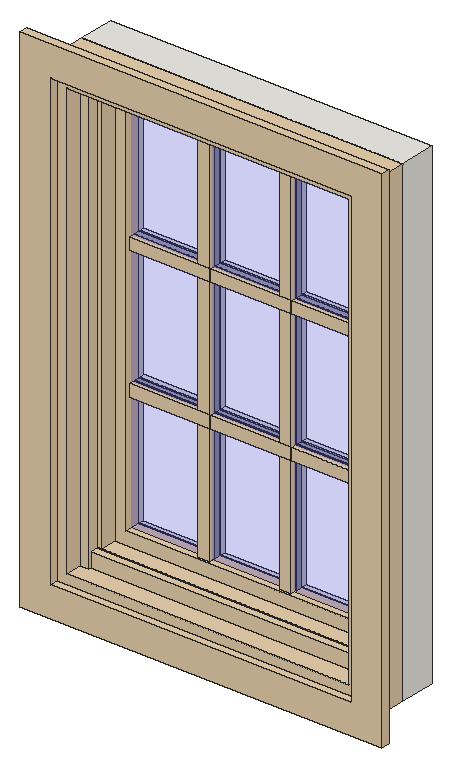
Revit family "Window-Awning-Andersen-A_Series 3", category Windows, host Wall, Revit 2013
Parameters (values of type "71-1/4" x 35-1/4"")
  Visual Light Transmittance = 0.39  # constant formula
  Thermal Resistance (R) = 0.65161  # 3.7000 (h·ft²·°F)/BTU
  TFL = if(Fractional Lights High > 5, 3, if(or(Fractional Lights High = 4, Fractional Lights High = 5), 2, if(or(Fractional Lights High = 2, Fractional Lights High = 3), 1, 1)))  # 1
  TFB = TFL - 1  # 0
  Solar Heat Gain Coefficient = 0.17  # constant formula
  Learn About These Parameters = "http://www.andersenwindows.com/for-professionals/cad-symbols-bim-support-window-doors/bim-support"
  LWide = if(Enter Pattern Number = 3, 3, if(Enter Pattern Number = 1, . . Lights Wide, Fractional Lights Wide))  # 3
  Heat Transfer Coefficient (U) = 1.5331  # 0.2700 BTU/(h·ft²·°F)
  Glazing Material = Glass ‐ Andersen - Low-E4 SmartSun
  Fractional Lights Wide = 7
  Fractional Lights High = 3
  Exterior Unit Finish = Fiberglass - Andersen - White
  Available Grille Bar Sizes = "3/4'', 7/8'', 1 1/8'', 2 1/4''"  # constant formula
  Between Glass Grille Bar Sizes = "3/4'', 1''"  # constant formula
  Interior Casing = yes
  Grille Bar Size = 0' - 0 7/8"
  Enter Pattern Number = 1
  Analytic Construction = "<None>"
  ..Pattern Number 1 = "Colonial"  # constant formula
  . . Lights Wide = 3
  . . Lights High = 3
  ..Pattern Number 2 = "Modified Colonial"  # constant formula
  ..Pattern Number 3 = "Prairie"  # constant formula
  ..Pattern Number 4 = "Short Fractional"  # constant formula
  ..Pattern Number 5 = "Tall Fractional"  # constant formula
  Extension Jamb = yes
  Enter Exterior Trim Number = 0
  ..Exterior Trim Number 0 = "No Exterior Trim"  # constant formula
  ..Exterior Trim Number 1 = "Brick Mould"  # constant formula
  ..Exterior Trim Number 2 = "3 1/2'' Flat Casing"  # constant formula
  ..Exterior Trim Number 3 = "4 1/2'' Flat Casing"  # constant formula
  Interior Grille Bar = yes
  Exterior Grille Bar = yes
  Between Glass Grille Bar = yes
  xjamb Visibility [instance] = and(Wall Depth > 0' 4 9/16", Extension Jamb)  # no
  xjamb S1 [instance] = if(Wall Depth > 0' 4 9/16", Wall Depth - 0' 4 9/16", 0' 3")  # 0' - 3"
  sill nose1 = 0' - 1 13/16"  # constant formula
  sill nose 2 = 0' - 1 15/16"  # constant formula
  casingS2 = if(Enter Exterior Trim Number = 1, 0' 0 3/16", 0' 0 3/16")  # 0' - 0 3/16"
  casingS1 = if(Enter Exterior Trim Number = 1, 0' 0 7/16", 0' 0 3/16")  # 0' - 0 3/16"
  casing4 = if(Enter Exterior Trim Number = 1, 0' 1 3/4", if(Enter Exterior Trim Number = 2, 0' 3 1/4", 0' 4 1/4"))  # 0' - 4 1/4"
  casing3 = 0' - 0 1/2"  # constant formula
  casing2 = 0' - 0 7/8"  # constant formula
  casing1 = 0' - 0 1/4"  # constant formula
  Xjamb 2 = 0' - 0 1/32"
  Xjamb 1 = 0' - 0 23/32"
  Wall Thickness [instance] = 0' - 8"
  Wall Depth [instance] = 0' - 4 9/16"
  Void Offset 2 = if(Enter Exterior Trim Number > 0, 0' 1 15/16", 0' 0")  # 0' - 0"
  Void Offset 1 = if(Enter Exterior Trim Number > 0, casing4, 0' 0")  # 0' - 0"
  Void Depth [instance] = if(Wall Thickness > Wall Depth, 0' 1" + Wall Thickness - Wall Depth, 0' 1")  # 0' - 4 7/16"
  VGB DLO = if(Enter Pattern Number = 3, 0' 4", (H DLO - (Grille Bar Size * (V Bars))) / if(LWide > 2, LWide, 3))  # 0' - 5.20833"
  V Bars = if(Enter Pattern Number = 3, 2, if(LWide > 2, LWide - 1, 2))  # 2
  URL = "www.andersenwindows.com"
  Type Comments = "Fiberglass and Fibrex clad wood awning window"
  TS V DLO = Height - HGO - SGO  # 2' - 4 147/256"
  TS V Bar Length = if(or(Enter Pattern Number = 5, Enter Pattern Number = 2), ((((Height - HGO - SGO - (Grille Bar Size * (Fractional Lights High - 1))) / Fractional Lights High)) * TFL) + (TFB * Grille Bar Size), if(Enter Pattern Number = 4, ((Height - HGO - SGO - (Grille Bar Size * (Fractional Lights High - 1))) / Fractional Lights High), Height - HGO - SGO))  # 2' - 4 147/256"
  TS SH DLO = if(or(Enter Pattern Number = 5, Enter Pattern Number = 2), ((((Height - HGO - SGO - (Grille Bar Size * (Fractional Lights High - 1))) / Fractional Lights High)) * TFL) + (TFB * Grille Bar Size) + HGO + (Grille Bar Size / 2), if(Enter Pattern Number = 4, TS V Bar Length + HGO + (Grille Bar Size / 2), (TS V DLO / 2) + HGO))  # 1' - 5.59961"
  TS S V = or(and(LWide = 2, Enter Pattern Number = 1), and(Fractional Lights Wide = 2, or(or(Enter Pattern Number = 2, Enter Pattern Number = 4), Enter Pattern Number = 5)))  # no
  TS S H Craftsman = and(Enter Pattern Number = 2, or(Fractional Lights High = 4, Fractional Lights High = 5))  # no
  TS S H = or(or(or(and(. . Lights High = 2, Enter Pattern Number = 1), and(Enter Pattern Number = 4, Fractional Lights High > 1)), and(Enter Pattern Number = 5, Fractional Lights High > 1)), and(Enter Pattern Number = 2, Fractional Lights High > 1))  # no
  TS M V = LWide > 2  # yes
  TS M H = or(or(Enter Pattern Number = 3, and(. . Lights High > 2, Enter Pattern Number = 1)), and(Enter Pattern Number = 2, Fractional Lights High > 5))  # yes
  TS HGB DLO = if(Enter Pattern Number = 1, if(. . Lights High > 2, ((TS V Bar Length - (Grille Bar Size * (. . Lights High - 1))) / . . Lights High), 0' 4"), if(Enter Pattern Number = 3, 0' 4", if(Fractional Lights High > 2, ((TS V Bar Length - (Grille Bar Size * 2)) / 3), 0' 4")))  # 0' - 8 241/256"
  TS H Bars = if(Enter Pattern Number = 3, 2, if(Enter Pattern Number = 1, if(. . Lights High > 2, . . Lights High - 1, 2), 2))  # 2
  Step Visibility = no
  Step Jamb2 = 0' - 0 13/16"
  Step Jamb1 = 0' - 1 1/8"  # constant formula
  Sill Stop Dim [instance] = 0' - 3 23/128"
  SGO = 0' - 4 29/256"  # constant formula
  Rough Width = Width + (Rough Opening Offset * 2)  # 2' - 0 3/4"
  Rough Opening Offset = 0' - 0 3/8"
  Rough Height = Height + (Rough Opening Offset * 2)  # 3' - 0 3/4"
  Push Out Stop Visibility [instance] = no
  Product Documentation Link = "http://www.andersenwindows.com/products/a-series-awning-window/"
  Plan Exterior Mask Visibility [instance] = Plan Exterior Mask 2 > 0' 0 1/32"  # yes
  Plan Exterior Mask 2 [instance] = if(Enter Exterior Trim Number > 0, if(Wall Depth + 0' 1 1/16" + casingS1 > Wall Thickness, 0' 0 1/32", Wall Thickness - Wall Depth - 0' 1 1/16" - casingS1), if(Wall Depth + 0' 1 1/16" > Wall Thickness, 0' 0 1/32", Wall Thickness - Wall Depth - 0' 0 1/16"))  # 0' - 3 3/8"
  Plan Exterior Mask [instance] = if(Enter Exterior Trim Number > 0, 0' 1 1/16" + casingS1, 0' 1 1/16")  # 0' - 1 1/16"
  Nail Fin Visibility = Enter Exterior Trim Number = 0  # yes
  Model = "A-Series Awning"  # constant formula
  Masonry Width = if(Enter Exterior Trim Number > 0, Width + ((casing4 + Masonry Opening Offset) * 2), Width + (Masonry Opening Offset * 2))  # 2' - 0 3/4"
  Masonry Opening Offset = 0' - 0 3/8"
  Masonry Height = if(Enter Exterior Trim Number > 0, Height + (casing4 + Masonry Opening Offset) + (sill nose 2 + Masonry Opening Offset), Height + (Masonry Opening Offset * 2))  # 3' - 0 3/4"
  Manufacturer = "Andersen Corporation"  # constant formula
  JGO = 0' - 3 5/16"  # constant formula
  Interior Trim Visibility = Interior Casing  # yes
  Interior Material = Wood - Andersen - Pine
  Interior Casing Size = 0' - 2 1/4"
  Horizontal Craftsman Bar Size = Grille Bar Size  # 0' - 0 7/8"
  Height = 3' - 0"
  Head Stop Dim [instance] = 0' - 2 121/256"
  HGO = 0' - 3 5/16"  # constant formula
  H DLO = Width - (JGO * 2)  # 1' - 5 3/8"
  Family Version = "01.01.15"  # constant formula
  Exterior Trim Finish = Fibrex Composite - Andersen - White
  Designation = "AAN6030"
  Description = "Composite-clad wood awning window"  # constant formula
  Default Sill Height = 6' 10 1/2" - Rough Height  # 3' - 9 3/4"
  Wall Closure = By host
  Width = 2' - 0"
  Crank Out Stop Visibility [instance] = yes
  Coarse Plan [instance] = if(Wall Depth < Wall Thickness, Wall Depth, Wall Thickness)  # 0' - 4 9/16"
  Casing Visibility = Enter Exterior Trim Number > 0  # no
  Between Glass Grille Bar Finish = Stainless Steel - Andersen - Standard
  Bar Center Line = if(Enter Pattern Number = 3, 1, 2)  # 2
  Assembly Code = "B2020100"
Reference planes (in)
  plane 1 "Center (Front/Back)": y = 0
  plane 2: z = 0
  plane 3 "Center (Left/Right)": x = 0
  plane 4 "R Frame": x = -12
  plane 5 "L Frame": x = 12
  plane 6 "B Frame": z = 46.25
  plane 7 "T Frame": z = 82.25
  plane 8 "L Glazing": x = 8.6875
  plane 9 "L Ext Frame": x = 11.375
  plane 10 "L Stop": x = 9.53125
  plane 11 "L Xjamb 1": x = 11.28125
  plane 12 "L Casing 1": x = 11.75
  plane 13 "L Xjamb 2": x = 11.96875
  plane 14 "L Rough Opening": x = 12.375
  plane 15 "L Casing 2": x = 15.375
  plane 16 "L Casing 3": x = 15.75
  plane 17 "L Casing 4": x = 16.25
  plane 18 "R Glazing": x = -8.6875
  plane 19 "R Ext Frame": x = -11.375
  plane 20 "R Stop": x = -9.528
  plane 21 "R Xjamb 1": x = -11.28125
  plane 22 "R Casing 1": x = -11.75
  plane 23 "R Xjamb 2": x = -11.96875
  plane 24 "R Rough Opening": x = -12.375
  plane 25 "R Casing 2": x = -15.375
  plane 26 "R Casing 3": x = -15.75
  plane 27 "R Casing 4": x = -16.25
  plane 28 "R Int Casing": x = -13.53125
  plane 29 "T Glazing": z = 78.9375
  plane 30 "T Ext Frame": z = 81.625
  plane 31 "T Xjamb 1": z = 81.53125
  plane 32 "T Casing 1": z = 82
  plane 33 "T Xjamb 2": z = 82.21875
  plane 34 "T Rough Opening": z = 82.625
  plane 35 "T Casing 2": z = 85.625
  plane 36 "T Casing 3": z = 86
  plane 37 "T Casing 4": z = 86.5
  plane 38 "T Int Casing": z = 83.78125
  plane 39 "B Glazing": z = 50.36328
  plane 40 "B Ext Frame": z = 46.875
  plane 41 "B Xjamb 2": z = 46.875
  plane 42 "B Casing 1": z = 46.5
  plane 43 "B Casing 2": z = 44.3125
  plane 44 "B Int Casing": z = 45.3125
  plane 45 "L Int Casing": x = 13.53125
  plane 46 "Casing S1": y = 2.062
  plane 47 "Casing S2": y = 2.062
  plane 48 "Frame S1": y = 1.8745
  plane 49 "Flange": y = 0.5625
  plane 50 "Glass1 S1": y = 0.42381
  plane 51 "Glass1 S2": y = 0.30181
  plane 52 "Glass1 S3": y = -0.21919
  plane 53 "Glass1 S4": y = -0.34119
  plane 54 "Sash1 S2": y = -0.78619
  plane 55 "Frame S2": y = -4
  plane 56 "B Xjamb 1": z = 47.5625
  plane 57 "Exterior Offset": y = 5
  plane 58 "Interior Casing": y = -4.625
  plane 59 "Vertical Bar Length": z = 50.36328
  plane 60 "B Rough Opening": z = 45.875
  plane 61 "R Masonry Opening": x = -16.625
  plane 62 "L Masonry Opening": x = 16.625
  plane 63 "T Masonry Opening": z = 86.875
  plane 64 "B Masonry Opening": z = 43.9375
  plane 65 "Xjamb S1": y = -1
  plane 66 "Sash1 S1": y = 0.80581
  plane 67 "R Sash": x = -11.0171
  plane 68 "L Sash": x = 11.03125
  plane 69 "Stop S1": y = -2.78619
  plane 70 "B Sash": z = 47.2319
  plane 71 "T Sash": z = 81.2671
  plane 72 "T Int Frame": z = 80.818
  plane 73 "B Int Frame": z = 48.275
  plane 74 "L Int Frame": x = 10.5625
  plane 75 "R Int Frame": x = -10.568
  plane 76 "T Stop": z = 79.77734
  plane 77 "B Stop": z = 49.42969
Forms (in)
  Extrusion 1, void
    sketch origin (0, 0, 0) x (1, 0, 0) y (0, 0, 1)
      loop
        line (12, 82.25) -> (-12, 82.25) -> (-12, 46.25) -> (12, 46.25) -> (12, 82.25)
    from -0.5625 to 4
  Extrusion 2, void
    sketch origin (0, 0, 0) x (1, 0, 0) y (0, 0, 1)
      loop
        line (12, 82.25) -> (-12, 82.25) -> (-12, 46.25) -> (12, 46.25) -> (12, 82.25)
    from -16 to -0.5625
  Extrusion 3, solid, material "Wood - Andersen - Pine" <- "Interior Material", visible <- "xjamb Visibility", detail levels medium+fine
    sketch origin (0, -2.5625, 0) x (-1, 0, 0) y (0, 0, 1)
      loop
        line (11.96875, 82.21875) -> (-11.96875, 82.21875) -> (-11.96875, 46.875) -> (11.96875, 46.875) -> (11.96875, 82.21875)
      loop
        line (11.28125, 81.53125) -> (-11.28125, 81.53125) -> (-11.28125, 47.5625) -> (11.28125, 47.5625) -> (11.28125, 81.53125)
    from 1.5625 to -1.4375
  Extrusion 4, solid, material "Wood - Andersen - Pine" <- "Interior Material", visible <- "Interior Trim Visibility", detail levels fine
    sketch origin (0, -4.625, 0) x (-1, 0, 0) y (0, 0, 1)
      loop
        line (13.53125, 83.78125) -> (-13.53125, 83.78125) -> (-13.53125, 45.3125) -> (13.53125, 45.3125) -> (13.53125, 83.78125)
      loop
        line (11.28125, 81.53125) -> (-11.28125, 81.53125) -> (-11.28125, 47.5625) -> (11.28125, 47.5625) -> (11.28125, 81.53125)
    from 0 to 0.625
  Extrusion 5, solid, material "Fibrex Composite - Andersen - White" <- "Exterior Trim Finish", visible <- "Casing Visibility", detail levels medium+fine
    sketch origin (0, 0, 0) x (0, 1, 0) y (0, 0, 1)
      loop
        line (1.31163, 46.25) -> (0.5625, 46.25) -> (0.5625, 44.3125) -> (2.375, 44.3125) -> (2.375, 46.0625) -> (1.31163, 46.25)
    from -16.25 to 16.25
  Sweep 6, solid, material "Fibrex Composite - Andersen - White" <- "Exterior Trim Finish", visible <- "Casing Visibility", detail levels medium+fine
    path origin (0, 0.5625, 0) x (-1, 0, 0) y (0, 0, 1)
      loop
        line (-16.25, 44.3125) -> (-16.25, 86.5) -> (16.25, 86.5) -> (16.25, 44.3125)
    profile origin (16.25, 0.5625, 65.40625) x (1, 0, 0) y (0, 1, 0)
      loop
        line (-0.875, 1.4995) -> (-4.5, 1.4995) -> (-4.5, 0) -> (0, 0) -> (0, 1.4995) -> (-0.5, 1.4995) -> (-0.875, 1.4995)
  Extrusion 7, solid, material "Fibrex Composite - Andersen - White" <- "Exterior Trim Finish", visible <- "Casing Visibility", detail levels coarse
    sketch origin (0, 0.5625, 0) x (-1, 0, 0) y (0, 0, 1)
      loop
        line (-16.25, 86.5) -> (-16.25, 44.3125) -> (16.25, 44.3125) -> (16.25, 86.5) -> (-16.25, 86.5)
      loop
        line (-11.75, 82) -> (-11.75, 46.25) -> (11.75, 46.25) -> (11.75, 82) -> (-11.75, 82)
    from 0 to 1.4995
  Extrusion 8, solid, material "Wood - Andersen - Pine" <- "Interior Material"
    sketch origin (0, -0.78619, 0) x (-1, 0, 0) y (0, 0, 1)
      loop
        line (11.0171, 81.2671) -> (-11.03125, 81.2671) -> (-11.03125, 47.2319) -> (11.0171, 47.2319) -> (11.0171, 81.2671)
      loop
        line (8.6875, 78.9375) -> (-8.6875, 78.9375) -> (-8.6875, 50.36328) -> (8.6875, 50.36328) -> (8.6875, 78.9375)
    from 0 to 1.21
  Extrusion 9, solid, material "Fiberglass - Andersen - White" <- "Exterior Unit Finish"
    sketch origin (0, 80.71747, 0) x (-1, 0, 0) y (0, 0, 1)
      loop
        line (-8.6875, 78.9375) -> (-8.6875, 50.36328) -> (8.6875, 50.36328) -> (8.6875, 78.9375) -> (-8.6875, 78.9375)
      loop
        line (-11.03125, 47.2319) -> (11.0171, 47.2319) -> (11.0171, 81.2671) -> (-11.03125, 81.2671) -> (-11.03125, 47.2319)
    from -79.91166 to -80.29366
  Extrusion 10, solid, material "Glass ‐ Andersen - Low-E4 SmartSun" <- "Glazing Material"
    sketch origin (0, -0.34119, 0) x (-1, 0, 0) y (0, 0, 1)
      loop
        line (-8.6875, 78.9375) -> (-8.6875, 50.36328) -> (8.6875, 50.36328) -> (8.6875, 78.9375) -> (-8.6875, 78.9375)
    from 0 to 0.765
  Extrusion 11, solid, material "Fiberglass - Andersen - White" <- "Exterior Unit Finish"
    sketch origin (0, 0, 0) x (1, 0, 0) y (0, 0, 1)
      loop
        line (12, 82.25) -> (-12, 82.25) -> (-12, 46.25) -> (12, 46.25) -> (12, 82.25)
      loop
        line (11.375, 81.625) -> (-11.375, 81.625) -> (-11.375, 46.875) -> (11.375, 46.875) -> (11.375, 81.625)
    from -1.8745 to 0.78619
  Extrusion 12, solid, material "Wood - Andersen - Pine" <- "Interior Material"
    sketch origin (0, 0, 0) x (1, 0, 0) y (0, 0, 1)
      loop
        line (12, 82.25) -> (-12, 82.25) -> (-12, 46.25) -> (12, 46.25) -> (12, 82.25)
      loop
        line (10.5625, 80.818) -> (-10.568, 80.818) -> (-10.568, 48.275) -> (10.5625, 48.275) -> (10.5625, 80.818)
    from 0.78619 to 4
  Extrusion 13, solid, material "Wood - Andersen - Pine" <- "Interior Material", detail levels medium+fine
    sketch origin (0, 0, 0) x (0, 1, 0) y (0, 0, 1)
      loop
        line (-1.98274, 49.42969) -> (-1.98619, 49.331) -> (-2.58619, 49.331) -> (-2.58619, 48.275) -> (-0.78619, 48.275) -> (-0.78619, 49.42969) -> (-1.98274, 49.42969)
    from -10.568 to 10.5625
  Extrusion 14, solid, material "Wood - Andersen - Pine" <- "Interior Material", detail levels medium+fine
    sketch origin (0, 0, 0) x (1, 0, 0) y (0, 1, 0)
      loop
        line (-10.568, -2.78619) -> (-9.888, -2.78619) -> (-9.888, -1.9799) -> (-9.528, -1.9799) -> (-9.528, -0.78619) -> (-10.568, -0.78619) -> (-10.568, -2.78619)
      loop
        line (10.5625, -2.78619) -> (10.5625, -0.78619) -> (9.53125, -0.78619) -> (9.53125, -1.9799) -> (9.888, -1.9799) -> (9.888, -2.78619) -> (10.5625, -2.78619)
    from 48.275 to 80.818
  Extrusion 15, solid, material "Wood - Andersen - Pine" <- "Interior Material", detail levels medium+fine
    sketch origin (0, 0, 0) x (0, 1, 0) y (0, 0, 1)
      loop
        line (-2.78619, 80.818) -> (-2.78619, 80.138) -> (-1.9799, 80.138) -> (-1.9799, 79.778) -> (-0.78619, 79.778) -> (-0.78619, 80.818) -> (-2.78619, 80.818)
    from -10.568 to 10.5625
Cuts and joins
  joined: Extrusion 5, Sweep 6
  joined: Extrusion 13, Extrusion 14, Extrusion 15
Lines and regions (in)
  Masking region 1, detail levels medium+fine
    outline origin (0, 0, 46.25) x (0, -1, 0) y (1, 0, 0)
      loop
        line (-1.8745, -12) -> (4, -12) -> (4, 12) -> (-1.8745, 12) -> (-1.8745, -12)
  Masking region 2, visible <- "Casing Visibility", detail levels medium+fine
    outline origin (0, 0, 46.25) x (0, -1, 0) y (1, 0, 0)
      loop
        line (-1.8745, -12) -> (-1.8745, 12) -> (-0.5625, 12) -> (-0.5625, 16.25) -> (-2.062, 16.25) -> (-2.062, -16.25) -> (-0.5625, -16.25) -> (-0.5625, -12) -> (-1.8745, -12)
  Masking region 3, visible <- "Nail Fin Visibility", detail levels coarse
    outline origin (0, 0, 46.25) x (0, -1, 0) y (1, 0, 0)
      loop
        line (-5, -12) -> (4, -12) -> (4, 12) -> (-5, 12) -> (-5, -12)
  Masking region 4
    outline origin (0, 0, 0) x (0, 1, 0) y (0, 0, 1)
      loop
        line (1.8745, 82.25) -> (-4, 82.25) -> (-4, 46.25) -> (1.8745, 46.25) -> (1.8745, 82.25)
  Masking region 5, visible <- "Casing Visibility"
    outline origin (0, 0, 0) x (0, 1, 0) y (0, 0, 1)
      loop
        line (1.8745, 46.15075) -> (1.8745, 46.25) -> (0.5625, 46.25) -> (0.5625, 44.3125) -> (2.375, 44.3125) -> (2.375, 46.0625) -> (1.8745, 46.15075)
  Masking region 6, visible <- "Casing Visibility"
    outline origin (0, 0, 0) x (0, 1, 0) y (0, 0, 1)
      loop
        line (1.8745, 82.25) -> (1.8745, 46.15075) -> (2.062, 46.11769) -> (2.062, 86.5) -> (0.5625, 86.5) -> (0.5625, 82.25) -> (1.8745, 82.25)
  Masking region 7, visible <- "Casing Visibility"
    outline origin (0, 1.8745, 0) x (-1, 0, 0) y (0, 0, 1)
      loop
        line (-16.25, 86.5) -> (-16.25, 44.3125) -> (16.25, 44.3125) -> (16.25, 86.5) -> (-16.25, 86.5)
  Masking region 8
    outline origin (0, 1.8745, 0) x (-1, 0, 0) y (0, 0, 1)
      loop
        line (-12, 82.25) -> (-12, 46.25) -> (12, 46.25) -> (12, 82.25) -> (-12, 82.25)
  Masking region 9
    outline origin (0, -4, 0) x (-1, 0, 0) y (0, 0, 1)
      loop
        line (12, 82.25) -> (-12, 82.25) -> (-12, 46.25) -> (12, 46.25) -> (12, 82.25)
  Masking region 10, visible <- "Interior Trim Visibility", detail levels fine
    outline origin (0, -4.625, 0) x (-1, 0, 0) y (0, 0, 1)
      loop
        line (13.53125, 83.78125) -> (-13.53125, 83.78125) -> (-13.53125, 45.3125) -> (13.53125, 45.3125) -> (13.53125, 83.78125)
      loop
        line (11.28125, 81.53125) -> (-11.28125, 81.53125) -> (-11.28125, 47.5625) -> (11.28125, 47.5625) -> (11.28125, 81.53125)
  Masking region 11, visible <- "Casing Visibility", detail levels coarse
    outline origin (0, 0, 46.25) x (0, -1, 0) y (1, 0, 0)
      loop
        line (-5, -16.25) -> (-0.5625, -16.25) -> (-0.5625, -12) -> (4, -12) -> (4, 12) -> (-0.5625, 12) -> (-0.5625, 16.25) -> (-5, 16.25) -> (-5, -16.25)
  Masking region 12, visible <- "xjamb Visibility", detail levels medium+fine
    outline origin (0, 0, 0) x (0, 1, 0) y (0, 0, 1)
      loop
        line (-1, 82.21875) -> (-4, 82.21875) -> (-4, 46.875) -> (-1, 46.875) -> (-1, 82.21875)
  Masking region 13, visible <- "Interior Trim Visibility", detail levels fine
    outline origin (0, 0, 0) x (0, 1, 0) y (0, 0, 1)
      loop
        line (-4, 83.78125) -> (-4.625, 83.78125) -> (-4.625, 45.3125) -> (-4, 45.3125) -> (-4, 83.78125)
  Masking region 14, visible <- "xjamb Visibility", detail levels medium+fine
    outline origin (0, 0, 46.25) x (0, -1, 0) y (1, 0, 0)
      loop
        line (1, -11.96875) -> (4, -11.96875) -> (4, 11.96875) -> (1, 11.96875) -> (1, -11.96875)
  Masking region 15, visible <- "Interior Trim Visibility", detail levels fine
    outline origin (0, 0, 46.25) x (0, -1, 0) y (1, 0, 0)
      loop
        line (4, -13.53125) -> (4.625, -13.53125) -> (4.625, 13.53125) -> (4, 13.53125) -> (4, -13.53125)
  symbolic lines, style "WindowsFrameMullionProjection", visible <- "Casing Visibility", detail levels fine
    curve 1: line (15.75, 2.062, 46.25) -> (15.375, 2.062, 46.25)
    curve 2: line (15.375, 2.062, 46.25) -> (11.75, 2.062, 46.25)
    curve 3: line (11.75, 2.062, 46.25) -> (11.75, 1.8745, 46.25)
    curve 4: line (-15.75, 2.062, 46.25) -> (-15.375, 2.062, 46.25)
    curve 5: line (-15.375, 2.062, 46.25) -> (-11.75, 2.062, 46.25)
    curve 6: line (-11.75, 2.062, 46.25) -> (-11.75, 1.8745, 46.25)
  symbolic lines, style "WindowsGlassProjection", detail levels medium+fine
    curve 7: line (-8.6875, 0.42381, 46.25) -> (8.6875, 0.42381, 46.25)
    curve 10: line (-8.6875, -0.34119, 46.25) -> (8.6875, -0.34119, 46.25)
  symbolic lines, style "WindowsGlassProjection", detail levels fine
    curve 8: line (-8.6875, 0.30181, 46.25) -> (8.6875, 0.30181, 46.25)
    curve 9: line (-8.6875, -0.21919, 46.25) -> (8.6875, -0.21919, 46.25)
    curve 27: line (0, 0.30181, 78.9375) -> (0, 0.30181, 50.36328)
    curve 28: line (0, -0.21919, 78.9375) -> (0, -0.21919, 50.36328)
    curve 73: line (-9.1685, 0.30181, 46.25) -> (-8.6875, 0.30181, 46.25)
    curve 79: line (-8.8385, 0.30181, 46.25) -> (-8.8385, -0.21919, 46.25)
    curve 81: line (-8.6875, -0.21919, 46.25) -> (-9.1685, -0.21919, 46.25)
    curve 127: line (9.1685, 0.30181, 46.25) -> (8.6875, 0.30181, 46.25)
    curve 133: line (8.8385, 0.30181, 46.25) -> (8.8385, -0.21919, 46.25)
    curve 135: line (8.6875, -0.21919, 46.25) -> (9.1685, -0.21919, 46.25)
    curve 171: line (0, 0.30181, 79.4185) -> (0, 0.30181, 78.9365)
    curve 172: line (0, 0.30181, 79.0885) -> (0, -0.21919, 79.0885)
    curve 174: line (0, -0.21919, 78.9365) -> (0, -0.21919, 79.4185)
    curve 240: line (0, 0.30181, 49.8685) -> (0, 0.30181, 50.3625)
    curve 241: line (0, 0.30181, 50.1985) -> (0, -0.21919, 50.1985)
    curve 242: line (0, -0.21919, 50.3625) -> (0, -0.21919, 49.8685)
  symbolic lines, style "WindowsFrameMullionProjection", detail levels medium
    curve 11: line (-11.0171, 0.80581, 46.25) -> (-8.6875, 0.80581, 46.25)
    curve 12: line (-8.6875, 0.80581, 46.25) -> (-8.6875, -0.78619, 46.25)
    curve 13: line (-8.6875, -0.78619, 46.25) -> (-11.0171, -0.78619, 46.25)
    curve 14: line (-11.0171, 1.8745, 46.25) -> (-11.0171, -0.78619, 46.25)
    curve 15: line (11.03125, 0.80581, 46.25) -> (8.6875, 0.80581, 46.25)
    curve 16: line (8.6875, 0.80581, 46.25) -> (8.6875, -0.78619, 46.25)
    curve 17: line (8.6875, -0.78619, 46.25) -> (11.03125, -0.78619, 46.25)
    curve 18: line (11.03125, 1.8745, 46.25) -> (11.03125, -0.78619, 46.25)
    curve 44: line (11.03125, -0.78619, 0) -> (9.53125, -0.78619, 0)
    curve 45: line (9.53125, -0.78619, 0) -> (9.53125, -2.78619, 0)
    curve 46: line (-11.0171, -0.78619, 0) -> (-9.528, -0.78619, 0)
    curve 47: line (-9.528, -0.78619, 0) -> (-9.528, -2.78619, 0)
    curve 154: line (-10.568, -2.78619, 0) -> (-10.568, -4, 0)
    curve 155: line (-9.528, -2.78619, 0) -> (-10.568, -2.78619, 0)
    curve 156: line (9.53125, -2.78619, 0) -> (10.5625, -2.78619, 0)
    curve 157: line (10.5625, -2.78619, 0) -> (10.5625, -4, 0)
  symbolic lines, style "WindowsFrameMullionProjection", detail levels coarse
    curve 19: line (-9.528, -4, 46.25) -> (-9.528, 5, 46.25)
    curve 20: line (9.53125, -4, 46.25) -> (9.53125, 5, 46.25)
  symbolic lines, style "WindowsGlassProjection", detail levels coarse
    curve 21: line (-9.528, 0, 46.25) -> (9.53125, 0, 46.25)
    curve 22: line (-9.528, 1, 46.25) -> (9.53125, 1, 46.25)
  symbolic lines, style "WindowsFrameMullionProjection", visible <- "Casing Visibility"
    curve 23: line (0, 2.062, 86) -> (0, 2.062, 85.625)
    curve 24: line (0, 2.062, 85.625) -> (0, 2.062, 82)
    curve 25: line (0, 2.062, 82) -> (0, 1.8745, 82)
    curve 69: line (0, 2.062, 86.5) -> (0, 0.5625, 86.5)
    curve 70: line (0, 2.062, 44.3125) -> (0, 0.5625, 44.3125)
  symbolic lines, style "WindowsGlassProjection"
    curve 26: line (0, 0.42381, 78.9375) -> (0, 0.42381, 50.36328)
    curve 29: line (0, -0.34119, 78.9375) -> (0, -0.34119, 50.36328)
  symbolic lines, style "WindowsFrameMullionProjection", detail levels medium+fine
    curve 30: line (11.03125, 1.8745, 81.2671) -> (-11.0171, 1.8745, 81.2671)
    curve 31: line (11.03125, 1.8745, 47.2319) -> (11.03125, 1.8745, 81.2671)
    curve 32: line (-11.0171, 1.8745, 47.2319) -> (11.03125, 1.8745, 47.2319)
    curve 33: line (-11.0171, 1.8745, 81.2671) -> (-11.0171, 1.8745, 47.2319)
    curve 38: line (-9.528, -4, 79.77734) -> (9.53125, -4, 79.77734)
    curve 39: line (-9.528, -4, 50.36328) -> (-9.528, -4, 79.77734)
    curve 40: line (9.53125, -4, 50.36328) -> (-9.528, -4, 50.36328)
    curve 41: line (9.53125, -4, 79.77734) -> (9.53125, -4, 50.36328)
    curve 50: line (-10.568, -4, 80.818) -> (10.5625, -4, 80.818)
    curve 51: line (-10.568, -4, 48.275) -> (-10.568, -4, 80.818)
    curve 52: line (10.5625, -4, 48.275) -> (-10.568, -4, 48.275)
    curve 53: line (10.5625, -4, 80.818) -> (10.5625, -4, 48.275)
    curve 99: line (-12, 0.5625, 46.25) -> (-13.625, 0.5625, 46.25)
    curve 153: line (12, 0.5625, 46.25) -> (13.625, 0.5625, 46.25)
  symbolic lines, style "WindowsFrameMullionProjection"
    curve 34: line (8.6875, 0, 78.9375) -> (-8.6875, 0, 78.9375)
    curve 35: line (8.6875, 0, 50.36328) -> (8.6875, 0, 78.9375)
    curve 36: line (-8.6875, 0, 78.9375) -> (-8.6875, 0, 50.36328)
    curve 37: line (-8.6875, 0, 50.36328) -> (8.6875, 0, 50.36328)
    curve 67: line (-12, 0.5625, 46.25) -> (-12, -4, 46.25)
    curve 68: line (12, 0.5625, 46.25) -> (12, -4, 46.25)
    curve 158: line (0, 0.33936, 81.45) -> (0, 1.87531, 81.625)
    curve 159: line (0, -0.30469, 81.45) -> (0, 0.33936, 81.45)
    curve 160: line (0, -0.30469, 80.684) -> (0, -0.30469, 81.45)
    curve 161: line (0, -0.78619, 80.684) -> (0, -0.30469, 80.684)
    curve 162: line (0, -1.9799, 79.778) -> (0, -0.78619, 79.778)
    curve 163: line (0, -1.9799, 80.138) -> (0, -1.9799, 79.778)
    curve 164: line (0, -2.78619, 80.138) -> (0, -1.9799, 80.138)
    curve 165: line (0, -2.78619, 80.818) -> (0, -2.78619, 80.138)
    curve 166: line (0, -3.84375, 80.818) -> (0, -0.78619, 80.818)
    curve 167: line (0, 0.80581, 81.2671) -> (0, 0.32781, 81.18282)
    curve 168: line (0, 0.80581, 79.12991) -> (0, 0.80581, 81.2671)
    curve 169: line (0, 0.47081, 78.9365) -> (0, 0.80581, 79.12991)
    curve 170: line (0, 0.42381, 79.4185) -> (0, 0.42381, 78.9365)
    curve 173: line (0, 0.42381, 78.9365) -> (0, 0.47081, 78.9365)
    curve 175: line (0, 0.42381, 79.4185) -> (0, -0.34119, 79.4185)
    curve 176: line (0, -0.34119, 79.4185) -> (0, -0.34119, 78.9365)
    curve 177: line (0, -0.46768, 78.9365) -> (0, -0.34119, 78.9365)
    curve 178: line (0, -0.78619, 79.25501) -> (0, -0.46768, 78.9365)
    curve 179: line (0, -0.78619, 80.818) -> (0, -0.78619, 79.25501)
    curve 180: line (0, -0.17219, 80.4995) -> (0, -0.78619, 80.4995)
    curve 181: line (0, -0.17219, 81.0125) -> (0, -0.17219, 80.4995)
    curve 182: line (0, 0.32781, 81.0125) -> (0, -0.17219, 81.0125)
    curve 183: line (0, 0.32781, 81.18282) -> (0, 0.32781, 81.0125)
    curve 210: line (0, 0.80581, 50.16909) -> (0, 0.47081, 50.3625)
    curve 211: line (0, 0.80581, 47.2319) -> (0, 0.80581, 50.16909)
    curve 212: line (0, 0.49615, 47.2865) -> (0, 0.80581, 47.2319)
    curve 213: line (0, 0.32781, 47.2865) -> (0, 0.49615, 47.2865)
    curve 214: line (0, 0.32781, 47.4865) -> (0, 0.32781, 47.2865)
    curve 215: line (0, -0.17219, 47.4865) -> (0, 0.32781, 47.4865)
    curve 216: line (0, -0.17219, 48.0765) -> (0, -0.17219, 47.4865)
    curve 217: line (0, -0.41219, 48.0765) -> (0, -0.17219, 48.0765)
    curve 218: line (0, -0.41219, 48.9495) -> (0, -0.41219, 48.0765)
    curve 219: line (0, -0.78619, 48.9495) -> (0, -0.41219, 48.9495)
    curve 220: line (0, -3.84375, 48.275) -> (0, -0.77285, 48.275)
    curve 221: line (0, -0.77285, 48.275) -> (0, -0.77285, 47.816)
    curve 222: line (0, -0.77285, 47.816) -> (0, -0.30469, 47.816)
    curve 223: line (0, -0.30469, 47.816) -> (0, -0.30469, 47.05)
    curve 224: line (0, -0.30469, 47.05) -> (0, 0.33936, 47.05)
    curve 225: line (0, 0.33936, 47.05) -> (0, 1.87531, 46.875)
    curve 226: line (0, 0.5625, 46.25) -> (0, 0.5625, 44.625)
    curve 227: line (0, -2.58619, 48.275) -> (0, -2.58619, 49.331)
    curve 228: line (0, -2.58619, 49.331) -> (0, -1.98619, 49.331)
    curve 229: line (0, -1.98269, 49.431) -> (0, -1.98619, 49.331)
    curve 230: line (0, -0.78619, 49.431) -> (0, -1.98269, 49.431)
    curve 231: line (0, -0.78619, 50.0625) -> (0, -0.78619, 48.9495)
    curve 232: line (0, -0.78619, 49.168) -> (0, -1.21662, 49.168)
    curve 233: line (0, -1.21662, 49.168) -> (0, -1.97719, 48.96421)
    curve 234: line (0, -1.97719, 48.96421) -> (0, -1.97719, 48.275)
    curve 235: line (0, -0.47401, 50.3625) -> (0, -0.78619, 50.0625)
    curve 236: line (0, -0.34119, 50.3625) -> (0, -0.47401, 50.3625)
    curve 237: line (0, 0.42381, 50.3625) -> (0, 0.42381, 49.8685)
    curve 238: line (0, 0.47081, 50.3625) -> (0, 0.42381, 50.3625)
    curve 239: line (0, 0.42381, 49.8685) -> (0, -0.34119, 49.8685)
    curve 243: line (0, -0.34119, 49.8685) -> (0, -0.34119, 50.3625)
    curve 281: line (0, -4, 48.11875) -> (0, -3.84375, 48.275)
    curve 283: line (0, -3.84375, 80.818) -> (0, -4, 80.97425)
  symbolic lines, style "WindowsFrameMullionProjection", visible <- "Casing Visibility", detail levels medium
    curve 42: line (-12, 1.8745, 46.25) -> (-12, 2.062, 46.25)
    curve 43: line (12, 2.062, 46.25) -> (12, 1.8745, 46.25)
  symbolic lines, style "WindowsFrameMullionProjection", visible <- "Nail Fin Visibility"
    curve 48: line (0, 0.5625, 83.875) -> (0, 0.5625, 82.25)
    curve 49: line (0, 0.5625, 46.25) -> (0, 0.5625, 44.625)
  symbolic lines, style "Elevation Swing"
    curve 54: line (11.03125, 0, 47.2319) -> (0, 0, 81.2671)
    curve 55: line (0, 0, 81.2671) -> (-11.0171, 0, 47.2319)
  symbolic lines, style "InvisibleLines", detail levels coarse
    curve 56: line (-12, -4, 0) -> (12, -4, 0)
  symbolic lines, style "WindowsFrameMullionProjection", visible <- "Step Visibility", detail levels medium+fine
    curve 57: line (0, -1, 80.818) -> (0, -3.37469, 80.818)
    curve 60: line (0, -1, 48.275) -> (0, -3.37469, 48.275)
  symbolic lines, style "WindowsFrameMullionProjection", visible <- "xjamb Visibility", detail levels medium+fine
    curve 58: line (0, -1, 81.53125) -> (0, -4, 81.53125)
    curve 61: line (0, -1, 47.5625) -> (0, -4, 47.5625)
    curve 63: line (-11.28125, -1, 46.25) -> (-11.28125, -4, 46.25)
    curve 65: line (11.28125, -1, 46.25) -> (11.28125, -4, 46.25)
  symbolic lines, style "WindowsFrameMullionProjection", visible <- "Interior Trim Visibility", detail levels fine
    curve 59: line (0, -4, 81.53125) -> (0, -4.625, 81.53125)
    curve 62: line (0, -4, 47.5625) -> (0, -4.625, 47.5625)
    curve 64: line (-11.28125, -4, 46.25) -> (-11.28125, -4.625, 46.25)
    curve 66: line (11.28125, -4, 46.25) -> (11.28125, -4.625, 46.25)
  symbolic lines, style "WindowsFrameMullionProjection", visible <- "Nail Fin Visibility", not visible
    curve 71: line (0, 1.5625, 46.25) -> (0, 1.5625, 44.625)
    curve 72: line (0, 1.5625, 83.875) -> (0, 1.5625, 82.25)
  symbolic lines, style "WindowsFrameMullionProjection", detail levels fine
    curve 74: line (-9.1685, 0.42381, 46.25) -> (-8.6865, 0.42381, 46.25)
    curve 75: line (-8.6865, 0.42381, 46.25) -> (-8.6865, 0.47081, 46.25)
    curve 76: line (-8.6865, 0.47081, 46.25) -> (-8.87991, 0.80581, 46.25)
    curve 77: line (-8.87991, 0.80581, 46.25) -> (-11.0171, 0.80581, 46.25)
    curve 78: line (-9.1685, -0.34119, 46.25) -> (-9.1685, 0.42381, 46.25)
    curve 80: line (-9.1685, -0.34119, 46.25) -> (-8.6865, -0.34119, 46.25)
    curve 82: line (-8.6865, -0.46768, 46.25) -> (-8.6865, -0.34119, 46.25)
    curve 83: line (-9.00501, -0.78619, 46.25) -> (-8.6865, -0.46768, 46.25)
    curve 84: line (-10.568, -0.78619, 46.25) -> (-9.00501, -0.78619, 46.25)
    curve 85: line (-9.528, -1.9799, 46.25) -> (-9.528, -0.78619, 46.25)
    curve 86: line (-10.2495, -0.17219, 46.25) -> (-10.2495, -0.78619, 46.25)
    curve 87: line (-10.7625, -0.17219, 46.25) -> (-10.2495, -0.17219, 46.25)
    curve 88: line (-10.7625, 0.32781, 46.25) -> (-10.7625, -0.17219, 46.25)
    curve 89: line (-10.93282, 0.32781, 46.25) -> (-10.7625, 0.32781, 46.25)
    curve 90: line (-11.0171, 0.80581, 46.25) -> (-10.93282, 0.32781, 46.25)
    curve 91: line (-11.2, 0.33936, 46.25) -> (-11.375, 1.87531, 46.25)
    curve 92: line (-11.2, -0.30469, 46.25) -> (-11.2, 0.33936, 46.25)
    curve 93: line (-10.434, -0.30469, 46.25) -> (-11.2, -0.30469, 46.25)
    curve 94: line (-10.434, -0.78619, 46.25) -> (-10.434, -0.30469, 46.25)
    curve 95: line (-9.888, -1.9799, 46.25) -> (-9.528, -1.9799, 46.25)
    curve 96: line (-9.888, -2.78619, 46.25) -> (-9.888, -1.9799, 46.25)
    curve 97: line (-10.568, -2.78619, 46.25) -> (-9.888, -2.78619, 46.25)
    curve 98: line (-10.568, -3.84375, 46.25) -> (-10.568, -0.78619, 46.25)
    curve 128: line (9.1685, 0.42381, 46.25) -> (8.6865, 0.42381, 46.25)
    curve 129: line (8.6865, 0.42381, 46.25) -> (8.6865, 0.47081, 46.25)
    curve 130: line (8.6865, 0.47081, 46.25) -> (8.87991, 0.80581, 46.25)
    curve 131: line (8.87991, 0.80581, 46.25) -> (11.0171, 0.80581, 46.25)
    curve 132: line (9.1685, -0.34119, 46.25) -> (9.1685, 0.42381, 46.25)
    curve 134: line (9.1685, -0.34119, 46.25) -> (8.6865, -0.34119, 46.25)
    curve 136: line (8.6865, -0.46768, 46.25) -> (8.6865, -0.34119, 46.25)
    curve 137: line (9.00501, -0.78619, 46.25) -> (8.6865, -0.46768, 46.25)
    curve 138: line (10.568, -0.78619, 46.25) -> (9.00501, -0.78619, 46.25)
    curve 139: line (9.528, -1.9799, 46.25) -> (9.528, -0.78619, 46.25)
    curve 140: line (10.2495, -0.17219, 46.25) -> (10.2495, -0.78619, 46.25)
    curve 141: line (10.7625, -0.17219, 46.25) -> (10.2495, -0.17219, 46.25)
    curve 142: line (10.7625, 0.32781, 46.25) -> (10.7625, -0.17219, 46.25)
    curve 143: line (10.93282, 0.32781, 46.25) -> (10.7625, 0.32781, 46.25)
    curve 144: line (11.0171, 0.80581, 46.25) -> (10.93282, 0.32781, 46.25)
    curve 145: line (11.2, 0.33936, 46.25) -> (11.375, 1.87531, 46.25)
    curve 146: line (11.2, -0.30469, 46.25) -> (11.2, 0.33936, 46.25)
    curve 147: line (10.434, -0.30469, 46.25) -> (11.2, -0.30469, 46.25)
    curve 148: line (10.434, -0.78619, 46.25) -> (10.434, -0.30469, 46.25)
    curve 149: line (9.888, -1.9799, 46.25) -> (9.528, -1.9799, 46.25)
    curve 150: line (9.888, -2.78619, 46.25) -> (9.888, -1.9799, 46.25)
    curve 151: line (10.568, -2.78619, 46.25) -> (9.888, -2.78619, 46.25)
    curve 152: line (10.568, -3.84375, 46.25) -> (10.568, -0.78619, 46.25)
    curve 278: line (-10.72425, -4, 46.25) -> (-10.568, -3.84375, 46.25)
    curve 280: line (10.72425, -4, 46.25) -> (10.568, -3.84375, 46.25)
  symbolic lines, style "WindowsGlassProjection", not visible, detail levels fine
    curve 100: line (-47.93607, 132.70772, 46.25) -> (-47.45507, 132.70772, 46.25)
    curve 106: line (-47.60607, 132.70772, 46.25) -> (-47.60607, 132.18672, 46.25)
    curve 108: line (-47.45507, 132.18672, 46.25) -> (-47.93607, 132.18672, 46.25)
    curve 197: line (0, 1.30181, 79.4185) -> (0, 1.30181, 78.9365)
    curve 198: line (0, 1.30181, 79.0885) -> (0, 0.78081, 79.0885)
    curve 200: line (0, 0.78081, 78.9365) -> (0, 0.78081, 79.4185)
    curve 274: line (0, 1.30181, 49.8685) -> (0, 1.30181, 50.3625)
    curve 275: line (0, 1.30181, 50.1985) -> (0, 0.78081, 50.1985)
    curve 276: line (0, 0.78081, 50.3625) -> (0, 0.78081, 49.8685)
  symbolic lines, style "WindowsFrameMullionProjection", not visible, detail levels fine
    curve 101: line (-47.93607, 132.82972, 46.25) -> (-47.45407, 132.82972, 46.25)
    curve 102: line (-47.45407, 132.82972, 46.25) -> (-47.45407, 132.87672, 46.25)
    curve 103: line (-47.45407, 132.87672, 46.25) -> (-47.64748, 133.21172, 46.25)
    curve 104: line (-47.64748, 133.21172, 46.25) -> (-49.78467, 133.21172, 46.25)
    curve 105: line (-47.93607, 132.06472, 46.25) -> (-47.93607, 132.82972, 46.25)
    curve 107: line (-47.93607, 132.06472, 46.25) -> (-47.45407, 132.06472, 46.25)
    curve 109: line (-47.45407, 131.93823, 46.25) -> (-47.45407, 132.06472, 46.25)
    curve 110: line (-47.77258, 131.61972, 46.25) -> (-47.45407, 131.93823, 46.25)
    curve 111: line (-49.33557, 131.61972, 46.25) -> (-47.77258, 131.61972, 46.25)
    curve 112: line (-48.29557, 130.42601, 46.25) -> (-48.29557, 131.61972, 46.25)
    curve 113: line (-49.01707, 132.23372, 46.25) -> (-49.01707, 131.61972, 46.25)
    curve 114: line (-49.53007, 132.23372, 46.25) -> (-49.01707, 132.23372, 46.25)
    curve 115: line (-49.53007, 132.73372, 46.25) -> (-49.53007, 132.23372, 46.25)
    curve 116: line (-49.70039, 132.73372, 46.25) -> (-49.53007, 132.73372, 46.25)
    curve 117: line (-49.78467, 133.21172, 46.25) -> (-49.70039, 132.73372, 46.25)
    curve 118: line (-49.96757, 132.74527, 46.25) -> (-50.14257, 134.28122, 46.25)
    curve 119: line (-49.96757, 132.10122, 46.25) -> (-49.96757, 132.74527, 46.25)
    curve 120: line (-49.20157, 132.10122, 46.25) -> (-49.96757, 132.10122, 46.25)
    curve 121: line (-49.20157, 131.61972, 46.25) -> (-49.20157, 132.10122, 46.25)
    curve 122: line (-48.65557, 130.42601, 46.25) -> (-48.29557, 130.42601, 46.25)
    curve 123: line (-48.65557, 129.61972, 46.25) -> (-48.65557, 130.42601, 46.25)
    curve 124: line (-49.33557, 129.61972, 46.25) -> (-48.65557, 129.61972, 46.25)
    curve 125: line (-49.33557, 128.56216, 46.25) -> (-49.33557, 131.61972, 46.25)
    curve 279: line (-49.49182, 128.40591, 46.25) -> (-49.33557, 128.56216, 46.25)
  symbolic lines, style "WindowsFrameMullionProjection", not visible, detail levels medium+fine
    curve 126: line (-50.76757, 132.96841, 46.25) -> (-52.39257, 132.96841, 46.25)
  symbolic lines, style "WindowsFrameMullionProjection", not visible
    curve 184: line (0, 1.33936, 81.45) -> (0, 2.87531, 81.625)
    curve 185: line (0, 0.69531, 81.45) -> (0, 1.33936, 81.45)
    curve 186: line (0, 0.69531, 80.684) -> (0, 0.69531, 81.45)
    curve 187: line (0, 0.21381, 80.684) -> (0, 0.69531, 80.684)
    curve 188: line (0, -0.9799, 79.778) -> (0, 0.21381, 79.778)
    curve 189: line (0, -0.9799, 80.138) -> (0, -0.9799, 79.778)
    curve 190: line (0, -1.78619, 80.138) -> (0, -0.9799, 80.138)
    curve 191: line (0, -1.78619, 80.818) -> (0, -1.78619, 80.138)
    curve 192: line (0, -2.84375, 80.818) -> (0, 0.21381, 80.818)
    curve 193: line (0, 1.80581, 81.2671) -> (0, 1.32781, 81.18282)
    curve 194: line (0, 1.80581, 79.12991) -> (0, 1.80581, 81.2671)
    curve 195: line (0, 1.47081, 78.9365) -> (0, 1.80581, 79.12991)
    curve 196: line (0, 1.42381, 79.4185) -> (0, 1.42381, 78.9365)
    curve 199: line (0, 1.42381, 78.9365) -> (0, 1.47081, 78.9365)
    curve 201: line (0, 1.42381, 79.4185) -> (0, 0.65881, 79.4185)
    curve 202: line (0, 0.65881, 79.4185) -> (0, 0.65881, 78.9365)
    curve 203: line (0, 0.53232, 78.9365) -> (0, 0.65881, 78.9365)
    curve 204: line (0, 0.21381, 79.25501) -> (0, 0.53232, 78.9365)
    curve 205: line (0, 0.21381, 80.818) -> (0, 0.21381, 79.25501)
    curve 206: line (0, 0.82781, 80.4995) -> (0, 0.21381, 80.4995)
    curve 207: line (0, 0.82781, 81.0125) -> (0, 0.82781, 80.4995)
    curve 208: line (0, 1.32781, 81.0125) -> (0, 0.82781, 81.0125)
    curve 209: line (0, 1.32781, 81.18282) -> (0, 1.32781, 81.0125)
    curve 244: line (0, 1.80581, 50.16909) -> (0, 1.47081, 50.3625)
    curve 245: line (0, 1.80581, 47.2319) -> (0, 1.80581, 50.16909)
    curve 246: line (0, 1.49615, 47.2865) -> (0, 1.80581, 47.2319)
    curve 247: line (0, 1.32781, 47.2865) -> (0, 1.49615, 47.2865)
    curve 248: line (0, 1.32781, 47.4865) -> (0, 1.32781, 47.2865)
    curve 249: line (0, 0.82781, 47.4865) -> (0, 1.32781, 47.4865)
    curve 250: line (0, 0.82781, 48.0765) -> (0, 0.82781, 47.4865)
    curve 251: line (0, 0.58781, 48.0765) -> (0, 0.82781, 48.0765)
    curve 252: line (0, 0.58781, 48.9495) -> (0, 0.58781, 48.0765)
    curve 253: line (0, 0.21381, 48.9495) -> (0, 0.58781, 48.9495)
    curve 254: line (0, -2.84375, 48.275) -> (0, 0.22715, 48.275)
    curve 255: line (0, 0.22715, 48.275) -> (0, 0.22715, 47.816)
    curve 256: line (0, 0.22715, 47.816) -> (0, 0.69531, 47.816)
    curve 257: line (0, 0.69531, 47.816) -> (0, 0.69531, 47.05)
    curve 258: line (0, 0.69531, 47.05) -> (0, 1.33936, 47.05)
    curve 259: line (0, 1.33936, 47.05) -> (0, 2.87531, 46.875)
    curve 260: line (0, 1.5625, 46.25) -> (0, 1.5625, 44.625)
    curve 261: line (0, -1.58619, 48.275) -> (0, -1.58619, 49.331)
    curve 262: line (0, -1.58619, 49.331) -> (0, -0.98619, 49.331)
    curve 263: line (0, -0.98269, 49.431) -> (0, -0.98619, 49.331)
    curve 264: line (0, 0.21381, 49.431) -> (0, -0.98269, 49.431)
    curve 265: line (0, 0.21381, 50.0625) -> (0, 0.21381, 48.9495)
    curve 266: line (0, 0.21381, 49.168) -> (0, -0.21662, 49.168)
    curve 267: line (0, -0.21662, 49.168) -> (0, -0.97719, 48.96421)
    curve 268: line (0, -0.97719, 48.96421) -> (0, -0.97719, 48.275)
    curve 269: line (0, 0.52599, 50.3625) -> (0, 0.21381, 50.0625)
    curve 270: line (0, 0.65881, 50.3625) -> (0, 0.52599, 50.3625)
    curve 271: line (0, 1.42381, 50.3625) -> (0, 1.42381, 49.8685)
    curve 272: line (0, 1.47081, 50.3625) -> (0, 1.42381, 50.3625)
    curve 273: line (0, 1.42381, 49.8685) -> (0, 0.65881, 49.8685)
    curve 277: line (0, 0.65881, 49.8685) -> (0, 0.65881, 50.3625)
    curve 282: line (0, -3, 48.11875) -> (0, -2.84375, 48.275)
    curve 284: line (0, -2.84375, 80.818) -> (0, -3, 80.97425)
Text (in)
  text "EXTERIOR" at (-58.6888, 50.90694, 0), in view "Ref. Level"
  text "INTERIOR" at (-58.6888, -37.76638, 0), in view "Ref. Level"
  text "Exterior" at (0, 43.65631, 123.19604), in view "Left"
  text "Exterior" at (0, 18.29385, 125.04747), in view "Right"
Dimensions and locks (in)
  equal spacing: plane 4 "R Frame", plane 3 "Center (Left/Right)", plane 5 "L Frame"
  "Width": plane 4 "R Frame" to plane 5 "L Frame"
  "Height": plane 6 "B Frame" to plane 7 "T Frame"
  locked: plane 48 "Frame S1" to plane 49 "Flange" at 1.312
  locked: plane 49 "Flange" to plane 50 "Glass1 S1" at 0.13869
  locked: plane 49 "Flange" to plane 51 "Glass1 S2" at 0.26069
  locked: plane 49 "Flange" to plane 52 "Glass1 S3" at 0.78169
  locked: plane 49 "Flange" to plane 53 "Glass1 S4" at 0.90369
  locked: plane 49 "Flange" to plane 54 "Sash1 S2" at 1.34869
  "casingS2": plane 47 "Casing S2" to plane 48 "Frame S1"
  "casingS1": plane 46 "Casing S1" to plane 48 "Frame S1"
  "Xjamb 2": plane 33 "T Xjamb 2" to plane 7 "T Frame"
  "casing1": plane 32 "T Casing 1" to plane 7 "T Frame"
  "Xjamb 1": plane 31 "T Xjamb 1" to plane 7 "T Frame"
  locked: plane 30 "T Ext Frame" to plane 7 "T Frame" at 0.625
  "HGO": plane 29 "T Glazing" to plane 7 "T Frame"
  "Rough Opening Offset": plane 7 "T Frame" to plane 34 "T Rough Opening"
  "casing4": plane 7 "T Frame" to plane 37 "T Casing 4"
  locked: plane 6 "B Frame" to plane 41 "B Xjamb 2" at 0.625
  locked: plane 6 "B Frame" to plane 42 "B Casing 1" at 0.25
  locked: plane 6 "B Frame" to plane 56 "B Xjamb 1" at 1.3125
  locked: plane 6 "B Frame" to plane 40 "B Ext Frame" at 0.625
  "SGO": plane 6 "B Frame" to plane 39 "B Glazing"
  "sill nose 2": plane 43 "B Casing 2" to plane 6 "B Frame"
  "casing4": plane 5 "L Frame" to plane 17 "L Casing 4"
  "casing4": plane 27 "R Casing 4" to plane 4 "R Frame"
  "casing3": plane 36 "T Casing 3" to plane 37 "T Casing 4"
  "casing2": plane 35 "T Casing 2" to plane 37 "T Casing 4"
  "casing3": plane 27 "R Casing 4" to plane 26 "R Casing 3"
  "casing2": plane 27 "R Casing 4" to plane 25 "R Casing 2"
  "casing1": plane 4 "R Frame" to plane 22 "R Casing 1"
  "casing1": plane 12 "L Casing 1" to plane 5 "L Frame"
  "casing3": plane 16 "L Casing 3" to plane 17 "L Casing 4"
  "casing2": plane 15 "L Casing 2" to plane 17 "L Casing 4"
  locked: plane 57 "Exterior Offset" to host wall at 1
  "Void Offset 1": plane 7 "T Frame" to Extrusion 2 sketch curve
  "Void Offset 1": Extrusion 2 sketch curve to plane 4 "R Frame"
  "Void Offset 1": plane 5 "L Frame" to Extrusion 2 sketch curve
  "Void Offset 2": Extrusion 2 sketch curve to plane 6 "B Frame"
  "Interior Casing Size": plane 28 "R Int Casing" to plane 21 "R Xjamb 1"
  "Interior Casing Size": plane 11 "L Xjamb 1" to plane 45 "L Int Casing"
  "Interior Casing Size": plane 31 "T Xjamb 1" to plane 38 "T Int Casing"
  "Interior Casing Size": plane 44 "B Int Casing" to plane 56 "B Xjamb 1"
  "Xjamb 1": plane 4 "R Frame" to plane 21 "R Xjamb 1"
  locked: plane 4 "R Frame" to plane 20 "R Stop" at 2.472
  locked: plane 4 "R Frame" to plane 19 "R Ext Frame" at 0.625
  "JGO": plane 4 "R Frame" to plane 18 "R Glazing"
  locked: plane 10 "L Stop" to plane 5 "L Frame" at 2.46875
  locked: plane 9 "L Ext Frame" to plane 5 "L Frame" at 0.625
  "JGO": plane 8 "L Glazing" to plane 5 "L Frame"
  "Xjamb 1": plane 11 "L Xjamb 1" to plane 5 "L Frame"
  "Wall Thickness": host wall to host wall
  locked: plane 1 "Center (Front/Back)" to curve 22 at 1
  "sill nose1": Masking region 5 sketch curve to plane 49 "Flange"
  locked: level to plane 7 "T Frame" at 82.25
  "TS SH DLO": nested 2 to plane 7 "T Frame"
  "VGB DLO": nested 3 to plane 8 "L Glazing"
  group 2 to group 1 = 0' - 6.08333"
  group 1 to group 2 = 0' - 0"  (x2)
  "VGB DLO": plane 18 "R Glazing" to nested 5
  group 3 to group 4 = 0' - 0"  (x2)
  group 3 to group 4 = 0' - 9 209/256"
  "TS HGB DLO": nested 6 to plane 29 "T Glazing"
  "TS HGB DLO": plane 59 "Vertical Bar Length" to nested 4
  "TS V Bar Length": plane 59 "Vertical Bar Length" to plane 29 "T Glazing"
  equal spacing: plane 59 "Vertical Bar Length", nested 7, plane 29 "T Glazing"
  "Rough Opening Offset": plane 60 "B Rough Opening" to plane 6 "B Frame"
  "Masonry Opening Offset": plane 61 "R Masonry Opening" to plane 27 "R Casing 4"
  "Masonry Opening Offset": plane 17 "L Casing 4" to plane 62 "L Masonry Opening"
  "Masonry Opening Offset": plane 37 "T Casing 4" to plane 63 "T Masonry Opening"
  "Masonry Opening Offset": plane 64 "B Masonry Opening" to plane 43 "B Casing 2"
  "sill nose1": Extrusion 5 sketch curve to plane 49 "Flange"
  "Void Depth": plane 57 "Exterior Offset" to Extrusion 2
  "Wall Depth": host wall to plane 49 "Flange"
  "Void Depth": plane 57 "Exterior Offset" to Masking region 11 sketch curve  (x2)
  locked: plane 58 "Interior Casing" to host wall at 0.625
  locked: Extrusion 2 to host wall at 12
  "Rough Opening Offset": plane 24 "R Rough Opening" to plane 4 "R Frame"
  "Rough Opening Offset": plane 5 "L Frame" to plane 14 "L Rough Opening"
  "Xjamb 2": plane 13 "L Xjamb 2" to plane 5 "L Frame"
  "Xjamb 2": plane 4 "R Frame" to plane 23 "R Xjamb 2"
  locked: plane 66 "Sash1 S1" to plane 49 "Flange" at 0.24331
  locked: plane 4 "R Frame" to plane 67 "R Sash" at 0.9829
  locked: plane 68 "L Sash" to plane 5 "L Frame" at 0.96875
  locked: plane 49 "Flange" to plane 69 "Stop S1" at 3.34869
  locked: plane 6 "B Frame" to plane 70 "B Sash" at 0.9819
  locked: plane 71 "T Sash" to plane 7 "T Frame" at 0.9829
  locked: plane 72 "T Int Frame" to plane 7 "T Frame" at 1.432
  locked: plane 6 "B Frame" to plane 73 "B Int Frame" at 2.025
  locked: plane 74 "L Int Frame" to plane 5 "L Frame" at 1.4375
  locked: plane 4 "R Frame" to plane 75 "R Int Frame" at 1.432
  "xjamb S1": host wall to plane 65 "Xjamb S1"
  "Head Stop Dim": plane 76 "T Stop" to plane 7 "T Frame"
  "Sill Stop Dim": plane 6 "B Frame" to plane 77 "B Stop"
  locked: Masking region 5 sketch curve to plane 6 "B Frame" at 0.1875
  locked: Extrusion 5 sketch curve to plane 6 "B Frame" at 0.1875
  locked: Extrusion 13 sketch curve to Extrusion 13 sketch curve at 1.19655
  locked: Extrusion 13 sketch curve to cut or joined group of Extrusion 13, Extrusion 14, Extrusion 15 at 1.15469
  locked: Extrusion 13 sketch curve to cut or joined group of Extrusion 13, Extrusion 14, Extrusion 15 at 1.056
  locked: Extrusion 13 sketch curve to Extrusion 13 sketch curve at 0.6
  locked: Extrusion 12 to Extrusion 13 sketch curve at 1.8
  Extrusion 15 sketch curve to Extrusion 15 sketch curve = 0' - 2"
  cut or joined group of Extrusion 13, Extrusion 14, Extrusion 15 to Extrusion 15 sketch curve = 0' - 1.19371"
  Extrusion 15 sketch curve to Extrusion 15 sketch curve = 0' - 0.68"
  Extrusion 15 sketch curve to Extrusion 15 sketch curve = 0' - 1.04"
  Extrusion 14 sketch curve to Extrusion 14 sketch curve = 0' - 1 1/32"
  Extrusion 14 sketch curve to Extrusion 14 sketch curve = 0' - 1.19371"  (x2)
  Extrusion 14 sketch curve to Extrusion 14 sketch curve = 0' - 0.35675"
  Extrusion 14 sketch curve to Extrusion 14 sketch curve = 0' - 2"  (x2)
  Extrusion 14 sketch curve to Extrusion 14 sketch curve = 0' - 1.04"
  Extrusion 14 sketch curve to Extrusion 14 sketch curve = 0' - 0.36"
  locked: plane 49 "Flange" to plane 55 "Frame S2" at 4.5625
  locked: plane 42 "B Casing 1" to Masking region 5 sketch curve (angle 10.00°)
  locked: plane 42 "B Casing 1" to Masking region 6 sketch curve (angle 10.00°)
  locked: plane 42 "B Casing 1" to Extrusion 5 sketch curve (angle 10.00°)
  locked: Extrusion 13 sketch curve to Extrusion 13 sketch curve (angle 92.00°)  (x2)
  aligned and locked: level to plane 2
  aligned and locked: plane 7 "T Frame" to Extrusion 1 sketch curve
  aligned and locked: plane 5 "L Frame" to Extrusion 1 sketch curve
  aligned and locked: Extrusion 1 sketch curve to plane 4 "R Frame"
  aligned and locked: Extrusion 1 sketch curve to plane 6 "B Frame"
  aligned and locked: host wall to Extrusion 1
  aligned and locked: plane 49 "Flange" to Extrusion 1
  aligned and locked: Masking region 1 sketch curve to plane 48 "Frame S1"
  aligned and locked: Masking region 1 sketch curve to plane 4 "R Frame"
  aligned and locked: plane 5 "L Frame" to Masking region 1 sketch curve
  aligned and locked: plane 49 "Flange" to Masking region 2 sketch curve  (x2)
  aligned and locked: plane 4 "R Frame" to Masking region 2 sketch curve
  aligned and locked: plane 48 "Frame S1" to Masking region 2 sketch curve
  aligned and locked: Masking region 2 sketch curve to plane 5 "L Frame"
  aligned and locked: plane 17 "L Casing 4" to Masking region 2 sketch curve
  aligned and locked: Masking region 2 sketch curve to plane 46 "Casing S1"
  aligned and locked: plane 47 "Casing S2" to curve 1
  aligned and locked: plane 12 "L Casing 1" to curve 3
  aligned and locked: plane 48 "Frame S1" to curve 3
  aligned and locked: Masking region 2 sketch curve to plane 27 "R Casing 4"
  aligned and locked: plane 18 "R Glazing" to curve 8
  aligned and locked: plane 8 "L Glazing" to curve 8
  aligned and locked: curve 7 to plane 50 "Glass1 S1"
  aligned and locked: curve 8 to plane 51 "Glass1 S2"
  aligned and locked: curve 9 to plane 52 "Glass1 S3"
  aligned and locked: curve 10 to plane 53 "Glass1 S4"
  aligned and locked: plane 18 "R Glazing" to curve 12
  aligned and locked: plane 48 "Frame S1" to curve 18
  aligned and locked: curve 17 to plane 54 "Sash1 S2"
  aligned and locked: plane 8 "L Glazing" to curve 16
  aligned and locked: Masking region 3 sketch curve to plane 4 "R Frame"
  aligned and locked: plane 5 "L Frame" to Masking region 3 sketch curve
  aligned and locked: Masking region 3 sketch curve to plane 57 "Exterior Offset"
  aligned and locked: plane 57 "Exterior Offset" to curve 19
  aligned and locked: plane 57 "Exterior Offset" to curve 20
  aligned and locked: host wall to curve 21
  aligned and locked: plane 7 "T Frame" to Masking region 4 sketch curve
  aligned and locked: Masking region 4 sketch curve to plane 6 "B Frame"
  aligned and locked: Masking region 4 sketch curve to plane 48 "Frame S1"
  aligned and locked: plane 48 "Frame S1" to Masking region 5 sketch curve
  aligned and locked: Masking region 5 sketch curve to plane 48 "Frame S1"
  aligned and locked: Masking region 5 sketch curve to plane 49 "Flange"
  aligned and locked: Masking region 5 sketch curve to plane 6 "B Frame"
  aligned and locked: plane 43 "B Casing 2" to Masking region 5 sketch curve
  aligned and locked: Masking region 6 sketch curve to plane 48 "Frame S1"
  aligned and locked: plane 46 "Casing S1" to Masking region 6 sketch curve
  aligned and locked: Masking region 6 sketch curve to plane 37 "T Casing 4"
  aligned and locked: Masking region 6 sketch curve to plane 49 "Flange"
  aligned and locked: plane 7 "T Frame" to Masking region 6 sketch curve
  aligned and locked: plane 47 "Casing S2" to curve 23
  aligned and locked: plane 32 "T Casing 1" to curve 25
  aligned and locked: plane 48 "Frame S1" to curve 25
  aligned and locked: plane 29 "T Glazing" to curve 26
  aligned and locked: plane 29 "T Glazing" to curve 27
  aligned and locked: plane 29 "T Glazing" to curve 28
  aligned and locked: plane 29 "T Glazing" to curve 29
  aligned and locked: plane 50 "Glass1 S1" to curve 26
  aligned and locked: plane 51 "Glass1 S2" to curve 27
  aligned and locked: plane 52 "Glass1 S3" to curve 28
  aligned and locked: plane 53 "Glass1 S4" to curve 29
  aligned and locked: plane 37 "T Casing 4" to Masking region 7 sketch curve
  aligned and locked: plane 17 "L Casing 4" to Masking region 7 sketch curve
  aligned and locked: Masking region 7 sketch curve to plane 27 "R Casing 4"
  aligned and locked: Masking region 7 sketch curve to plane 43 "B Casing 2"
  aligned and locked: plane 7 "T Frame" to Masking region 8 sketch curve
  aligned and locked: plane 5 "L Frame" to Masking region 8 sketch curve
  aligned and locked: Masking region 8 sketch curve to plane 4 "R Frame"
  aligned and locked: Masking region 8 sketch curve to plane 6 "B Frame"
  aligned and locked: plane 29 "T Glazing" to curve 34
  aligned and locked: curve 36 to plane 18 "R Glazing"
  aligned and locked: plane 8 "L Glazing" to curve 35
  aligned and locked: curve 37 to plane 39 "B Glazing"
  aligned and locked: plane 7 "T Frame" to Masking region 9 sketch curve
  aligned and locked: Masking region 9 sketch curve to plane 4 "R Frame"
  aligned and locked: plane 5 "L Frame" to Masking region 9 sketch curve
  aligned and locked: Masking region 9 sketch curve to plane 6 "B Frame"
  aligned and locked: plane 31 "T Xjamb 1" to Masking region 10 sketch curve
  aligned and locked: Masking region 10 sketch curve to plane 21 "R Xjamb 1"
  aligned and locked: plane 11 "L Xjamb 1" to Masking region 10 sketch curve
  aligned and locked: Masking region 10 sketch curve to plane 56 "B Xjamb 1"
  aligned and locked: Masking region 10 sketch curve to plane 44 "B Int Casing"
  aligned and locked: plane 45 "L Int Casing" to Masking region 10 sketch curve
  aligned and locked: Masking region 10 sketch curve to plane 28 "R Int Casing"
  aligned and locked: plane 38 "T Int Casing" to Masking region 10 sketch curve
  aligned and locked: plane 5 "L Frame" to curve 43
